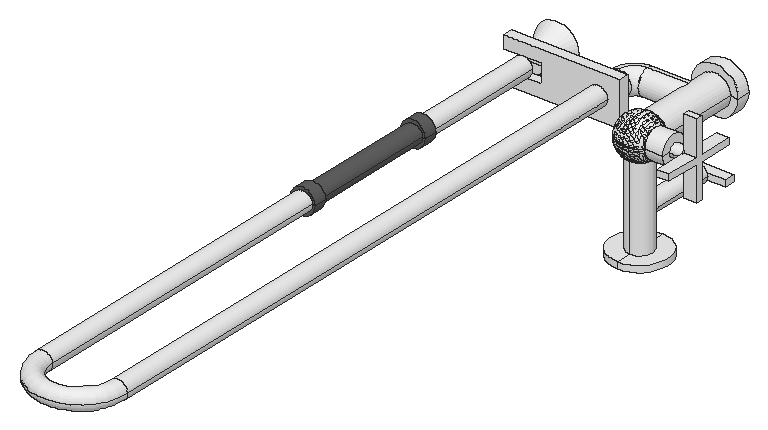
Revit family "Faucet-Bedpan_Washer-Zurn-Z877P2-LKS-HK-SH2", category Plumbing Fixtures, host Face, Revit 2022
Family settings
  Host = Face
  Round Connector Dimension = Use Radius
  Part Type = Normal
  OmniClass Number = 23.45.55.14
  OmniClass Title = Single Faucets
  Cut with Voids When Loaded = No
  Maintain Annotation Orientation = No
  Shared = No
  Room Calculation Point = No
Parameters (values of type "Z877P2-LKS-HK-SH2 (AquaSpec® Bedpan Washer)")
  Vinly Hose Length = 48.000"  # constant formula
  Type of Handle = "Four Arm Vandal Resistant Color Coded Lever Handles"  # constant formula
  Spout location from Wall = 4.250"  # constant formula
  Spout Reach = 5.625"  # constant formula
  Waste Connection = 1 = 0  # no
  WFU = 0  # constant formula
  Vent Connection = 1 = 0  # no
  URL = "https://www.zurn.com/"
  Type Comments = ""
  Spout Height = 4.250"  # constant formula
  Repair Parts URL = "https://files.zurn.com/repair-parts/cf189.pdf"
  Main Material = Chrome-Plated Brass - Zurn - Polished
  Product data URL = "https://www.bimobject.com/zurnindustries/product/Bedpan_washers"
  Product Page URL = "https://www.zurn.com/products/finish-plumbing/aquaspec-manual-faucets/other-faucets/z877p2-lks-hk-sh2"
  Product Installation Sheet URL = ""
  Product Documentation Link = ""
  Modified Date = "07/16/2025"  # constant formula
  Model = "Z877P2-LKS-HK-SH2"  # constant formula
  Mode of Installation = "Wall Mounted"  # constant formula
  Manufacturer Brand = "Zurn"  # constant formula
  Manufacturer = "Zurn Water, LLC"  # constant formula
  Installtion Height from Ground = 64.000"  # constant formula
  Inlet Connection Size = 1.500"  # constant formula
  HWFU = 0  # constant formula
  HW Connection = 1 = 0  # no
  Description = "AquaSpec® Bedpan Washer"  # constant formula
  Default Elevation = 48.000"
  Date Created = "07/16/2025"  # constant formula
  CWFU = 0  # constant formula
  CW Connection = 1 = 1  # yes
  Assembly Code = "D2010.60"
  Activation Method = "Manually Operated"  # constant formula
Reference planes (in)
  plane 1 "Center (Front/Back)": y = 0
  plane 2: z = 0
  plane 3 "Center (Left/Right)": x = 0
Dimensions and locks (in)
  aligned and locked: plane 2 to host face
  aligned and locked: level to host face
  aligned and locked: nested 1 to host face
  aligned and locked: plane 3 "Center (Left/Right)" to nested 1
  aligned and locked: nested 1 to plane 1 "Center (Front/Back)"
Nested families (in)
  nested 1: "Z877P2-LKS-HK-SH2" at (0, -64.125, 4.25) x (1, 0, 0) z (0, 1, 0), type "Z877P2-LKS-HK-SH2"
    with Cold Water Connection Diameter 1/2"
Connectors (in)
  piping at (0, -0.125, 0), diameter 3, driven by "CW Connection", driven by "Inlet Connection Size"
    settings: on nested 1, index 1, connector inside diameter 24", connector length 0.000", flow factor 0, pipe flow 0 GPM, pressure drop 0.00 psi, fitting loss kfactor 0, connector angle 0.00°, fixture units 0, engagement length 0.000", angle of deflection 0.00°, flow configuration 0, flow direction 1, fitting loss method 0, system type 20, joint type 0, gender type 0, connector reference index -1, connector utility 1, adjustable connector no, is connector primary yes, connector description "Domestic Cold Water Inlet"
Definition of nested family "Z877P2-LKS-HK-SH2"
  Parameters (values of type "Z877P2-LKS-HK-SH2")
    Waste Connection = no
    Vent Connection = no
    URL = "www.zurn.com"
    Type Comments = "Bedpan washer furnished with a vacuum breaker, a hand-held 4' [122cm] vinyl spray hose with an angled insulated 6\" [152mm] handle and hook"
    Product data url = "https://bimobject.com/zurnindustries/product/zurn-z877p2-lks-hk-sh2"
    Product Documentation Link = "http://www.zurn.com/Pages/ProductDetails.aspx?NodeKey=374702"
    Model = "Z877P2-LKS-HK-SH2"
    Manufacturer = "Zurn Industries, LLC"  # constant formula
    Hose Material = none
    Handle Material = none
    HW Connection = no
    Flow = 1.6 GPM
    Faucet Material = none
    Designation = "Faucet"  # constant formula
    Description = "Polished, chrome-plated cast brass bedpan washer"  # constant formula
    Default Elevation = 48.000"
    Cold Water Connection Diameter [instance] = 1/2"
    CWFU = 1
    CW Connection = yes
    Assembly Code = "D2010900"
  Reference planes (in)
    plane 1 "Center of Unit (Front/Back)": y = 0
    plane 2: z = 0
    plane 3 "Center (Left/Right)": x = 0
    plane 4 "Water Service Centerline Horizontal": z = 64
    plane 5 "Unit Top": z = 68.25
    plane 6 "Projecting Pipe Centerline": z = 66.875
    plane 7 "Sprayer Hook Top": z = 65.57812
    plane 8 "Sprayer Hook Bottom": z = 65.1875
    plane 9 "Wall Face": y = 4.25
    plane 10 "Hose Centerline Right Drop": x = -2.625
    plane 11 "Hose Centerline Left Drop": x = -5.625
    plane 12 "Handle Right Face": x = 2.375
    plane 13 "Handle Left Face": x = 1.875
    plane 14 "Sprayer Hook Left End": x = -6.375
    plane 15 "Sprayer Hook Right End": x = -1.75
    plane 16 "Shutoff Centerline": y = 2.625
    plane 17 "Sprayer Hook Back": y = 0.875
    plane 18 "Sprayer Hook Front": y = -0.875
    plane 19 "Spray Grip Top": z = 60.1875
    plane 20 "Spray Grip Bottom": z = 54.1875
    plane 21 "Key Stop Top": z = 67.375
    plane 22 "Key Stop Bottom": z = 66.94531
  Forms (in)
    Extrusion 1, solid, material <- "Faucet Material"
      sketch origin (0, 0, 65.1875) x (-1, 0, 0) y (0, -1, 0)
        loop
          line (6.375, 0.875) -> (1.75, 0.875) -> (1.75, -0.875) -> (6.375, -0.875) -> (6.375, -0.375) -> (4.875, -0.375) -> (4.875, 0.375) -> (6.375, 0.375) -> (6.375, 0.875)
      from 0 to 0.39062
    Revolve 2, solid, material <- "Faucet Material", detail levels fine
      sketch origin (0, 0, 0) x (1, 0, 0) y (0, 0, 1)
        loop
          line (-0.9375, 68.25) -> (-0.9375, 67.75) -> (-0.625, 67.75) -> (-0.625, 64) -> (0, 64) -> (0, 68.25) -> (-0.9375, 68.25)
        axis (0, 68.25) -> (0, 64)
      angle from 0 to 360
    Sweep 3, solid, material <- "Faucet Material"
      path origin (0, 0, 0) x (1, 0, 0) y (0, 0, 1)
        loop
          line (0, 66.875) -> (-1.96875, 66.875)
          arc (-1.96875, 66.875) -> (-2.43279, 66.68279) -> (-2.625, 66.21875) r 0.65625
          line (-2.625, 66.21875) -> (-2.625, 65.57812)
      profile origin (-0.98437, 0, 66.875) x (0, 0, -1) y (0, -1, 0)
        loop
          circle (0, 0) r 0.5
    Sweep 4, solid, material <- "Hose Material", detail levels fine
      path origin (0, 0, 0) x (1, 0, 0) y (0, 0, 1)
        loop
          line (-2.625, 65.1875) -> (-2.625, 41.1875)
          arc (-2.625, 41.1875) -> (-4.125, 39.6875) -> (-5.625, 41.1875) r 1.5
          line (-5.625, 41.1875) -> (-5.625, 54.1875)
      profile origin (-2.625, 0, 53.1875) x (0, -1, 0) y (1, 0, 0)
        loop
          circle (0, 0) r 0.375
    Revolve 5, solid, material <- "Faucet Material"
      sketch origin (0, 0, 0) x (1, 0, 0) y (0, 0, 1)
        loop
          line (-5.625, 65.57812) -> (-5.625, 66.875) -> (-6.5, 66.875) -> (-6.125, 66.07812) -> (-6.125, 65.57812) -> (-5.625, 65.57812)
        axis (-5.625, 66.875) -> (-5.625, 65.57812)
      angle from 0 to 360
    Revolve 6, solid, material <- "Handle Material", detail levels fine
      sketch origin (0, 0, 0) x (1, 0, 0) y (0, 0, 1)
        loop
          line (-5.625, 54.1875) -> (-5.625, 60.1875) -> (-6.125, 60.1875) -> (-6.125, 59.6875) -> (-6, 59.6875) -> (-6, 54.6875) -> (-6.125, 54.6875) -> (-6.125, 54.1875) -> (-5.625, 54.1875)
        axis (-5.625, 60.1875) -> (-5.625, 54.1875)
      angle from 0 to 360
    Sweep 7, solid, material <- "Hose Material", detail levels fine
      path origin (0, 0, 0) x (1, 0, 0) y (0, 0, 1)
        loop
          line (-5.625, 60.1875) -> (-5.625, 65.1875)
      profile origin (-5.625, 0, 62.6875) x (-1, 0, 0) y (0, -1, 0)
        loop
          circle (0, 0) r 0.375
    Revolve 8, solid, material <- "Faucet Material"
      sketch origin (0, 0, 0) x (0, 1, 0) y (0, 0, 1)
        loop
          line (4.25, 64) -> (4.25, 65.125) -> (4, 65.125) -> (4, 64.5) -> (0.67964, 64.5)
          arc (0.67964, 64.5) -> (-0.26312, 64.80167) -> (-0.84375, 64) r 0.84375
          line (-0.84375, 64) -> (4.25, 64)
        axis (-0.84375, 64) -> (4.25, 64)
      angle from 0 to 360
    Revolve 9, solid, material <- "Faucet Material", detail levels fine
      sketch origin (0, 0, 0) x (1, 0, 0) y (0, 0, 1)
        loop
          line (1.875, 64) -> (1.875, 64.25) -> (1.375, 64.25) -> (1.375, 64.5625) -> (0.62889, 64.5625)
          arc (0.62889, 64.5625) -> (-0.30107, 64.78821) -> (-0.84375, 64) r 0.84375
          line (-0.84375, 64) -> (1.875, 64)
        axis (-0.84375, 64) -> (1.875, 64)
      angle from 0 to 360
    Extrusion 10, solid, material <- "Faucet Material"
      sketch origin (0, 0, 64) x (-1, 0, 0) y (0, -1, 0)
        loop
          circle (0, -2.625) r 0.34375
      from 0 to 2.94531
    Extrusion 11, solid, material <- "Faucet Material"
      sketch origin (0, 0, 66.94531) x (-1, 0, 0) y (0, -1, 0)
        loop
          line (1.0625, -2.5) -> (-1.0625, -2.5) -> (-1.0625, -2.75) -> (1.0625, -2.75) -> (1.0625, -2.5)
      from 0 to 0.42969
    Extrusion 12, solid, material <- "Faucet Material", detail levels fine
      sketch origin (1.875, 0, 0) x (0, 1, 0) y (0, 0, 1)
        loop
          line (-1.5, 64.125) -> (-1.5, 63.875) -> (-0.125, 63.875) -> (-0.125, 62.5) -> (0.125, 62.5) -> (0.125, 63.875) -> (1.5, 63.875) -> (1.5, 64.125) -> (0.125, 64.125) -> (0.125, 65.5) -> (-0.125, 65.5) -> (-0.125, 64.125) -> (-1.5, 64.125)
      from 0 to 0.5
    Revolve 13, solid, material <- "Faucet Material", detail levels coarse+medium
      sketch origin (0, 0, 0) x (0, 1, 0) y (0, 0, 1)
        loop
          line (4.25, 64) -> (0, 64) -> (0, 63.5) -> (4, 63.5) -> (4, 62.875) -> (4.25, 62.875) -> (4.25, 64)
        axis (4.25, 64) -> (0, 64)
      angle from 0 to 360
    Extrusion 14, solid, material <- "Faucet Material", detail levels coarse+medium
      sketch origin (0, 0, 66.94531) x (-1, 0, 0) y (0, -1, 0)
        loop
          circle (0, 0) r 0.9375
      from -4.09805 to 1.30469
    Extrusion 15, solid, material <- "Faucet Material", detail levels coarse+medium
      sketch origin (0, 0, 0) x (0, 1, 0) y (0, 0, 1)
        loop
          circle (0, 64) r 1.5
      from 1.875 to 2.375
    Extrusion 16, solid, material <- "Faucet Material", detail levels coarse+medium
      sketch origin (0, 0, 0) x (0, 1, 0) y (0, 0, 1)
        loop
          circle (0, 64) r 0.57
      from 0 to 1.875
    Sweep 17, solid, material <- "Faucet Material", detail levels coarse+medium
      path origin (0, 0, 0) x (1, 0, 0) y (0, 0, 1)
        loop
          line (-2.625, 65.57812) -> (-2.625, 40.875)
          arc (-2.625, 40.875) -> (-4.125, 39.375) -> (-5.625, 40.875) r 1.5
          line (-5.625, 40.875) -> (-5.625, 66.875)
      profile origin (-2.625, 0, 53.22656) x (0, -1, 0) y (1, 0, 0)
        loop
          circle (0, 0) r 0.5
  Cuts and joins
    joined: Revolve 8, Extrusion 10, Extrusion 11
  Lines and regions (in)
    Masking region 1
      outline origin (0, 0, 66.94531) x (-1, 0, 0) y (0, -1, 0)
        loop
          line (1.75, -0.875) -> (6.375, -0.875) -> (6.375, -0.45069)
          arc (6.375, -0.45069) -> (6.46817, -0.23385) -> (6.5, 0) r 0.875
          arc (6.5, 0) -> (6.46817, 0.23385) -> (6.375, 0.45069) r 0.875
          line (6.375, 0.45069) -> (6.375, 0.875) -> (1.75, 0.875) -> (1.75, 0.50232) -> (0.79157, 0.50232)
          arc (0.79157, 0.50232) -> (0.04217, 0.93655) -> (-0.74323, 0.57142) r 0.9375
          line (-0.74323, 0.57142) -> (-1.875, 0.57142) -> (-1.875, 1.5) -> (-2.375, 1.5) -> (-2.375, -1.5) -> (-1.875, -1.5) -> (-1.875, -0.57208) -> (-0.74272, -0.57208)
          arc (-0.74272, -0.57208) -> (-0.6311, -0.69326) -> (-0.5, -0.79304) r 0.9375
          line (-0.5, -0.79304) -> (-0.5, -2.5) -> (-1.0625, -2.5) -> (-1.0625, -2.75) -> (-0.5, -2.75) -> (-0.5, -4) -> (-1.125, -4) -> (-1.125, -4.25) -> (0, -4.25) -> (1.125, -4.25) -> (1.125, -4) -> (0.5, -4) -> (0.5, -2.75) -> (1.0625, -2.75) -> (1.0625, -2.5) -> (0.5, -2.5) -> (0.5, -0.79304)
          arc (0.5, -0.79304) -> (0.66611, -0.6597) -> (0.79783, -0.49231) r 0.9375
          line (0.79783, -0.49231) -> (1.75, -0.49231) -> (1.75, -0.875)
  Dimensions and locks (in)
    locked: plane 5 "Unit Top" to plane 4 "Water Service Centerline Horizontal" at 4.25
    locked: plane 6 "Projecting Pipe Centerline" to plane 4 "Water Service Centerline Horizontal" at 2.875
    locked: plane 8 "Sprayer Hook Bottom" to plane 4 "Water Service Centerline Horizontal" at 1.1875
    locked: plane 7 "Sprayer Hook Top" to plane 8 "Sprayer Hook Bottom" at 0.39062
    locked: plane 1 "Center of Unit (Front/Back)" to plane 9 "Wall Face" at 4.25
    plane 3 "Center (Left/Right)" to plane 12 "Handle Right Face" = 2.375"
    locked: plane 13 "Handle Left Face" to plane 12 "Handle Right Face" at 0.5
    locked: plane 14 "Sprayer Hook Left End" to plane 3 "Center (Left/Right)" at 6.375
    locked: plane 14 "Sprayer Hook Left End" to plane 15 "Sprayer Hook Right End" at 4.625
    locked: plane 10 "Hose Centerline Right Drop" to plane 3 "Center (Left/Right)" at 2.625
    locked: plane 14 "Sprayer Hook Left End" to plane 11 "Hose Centerline Left Drop" at 0.75
    locked: plane 9 "Wall Face" to plane 16 "Shutoff Centerline" at 1.625
    plane 17 "Sprayer Hook Back" to plane 1 "Center of Unit (Front/Back)" to plane 18 "Sprayer Hook Front" = 0.875" locked, 0.875" locked
    Extrusion 1 sketch curve to plane 1 "Center of Unit (Front/Back)" to Extrusion 1 sketch curve = 0.375" locked, 0.375" locked
    locked: plane 11 "Hose Centerline Left Drop" to Extrusion 1 sketch curve at 0.75
    locked: plane 3 "Center (Left/Right)" to Revolve 2 sketch curve at 0.9375
    locked: Revolve 2 sketch curve to plane 3 "Center (Left/Right)" at 0.625
    locked: plane 8 "Sprayer Hook Bottom" to Sweep 4 sketch curve at 24
    locked: plane 11 "Hose Centerline Left Drop" to Revolve 5 sketch curve at 0.875
    locked: plane 11 "Hose Centerline Left Drop" to Revolve 5 sketch curve at 0.5
    locked: plane 6 "Projecting Pipe Centerline" to Revolve 5 sketch curve at 0.79688
    plane 8 "Sprayer Hook Bottom" to plane 19 "Spray Grip Top" to plane 20 "Spray Grip Bottom" = 5.000" locked, 6.000" locked
    locked: Revolve 6 sketch curve to plane 11 "Hose Centerline Left Drop" at 0.5
    locked: plane 11 "Hose Centerline Left Drop" to Revolve 6 sketch curve at 0.5
    locked: plane 11 "Hose Centerline Left Drop" to Revolve 6 sketch curve at 0.375
    locked: Revolve 6 sketch curve to plane 20 "Spray Grip Bottom" at 0.5
    locked: plane 19 "Spray Grip Top" to Revolve 6 sketch curve at 0.5
    locked: Revolve 8 sketch curve to plane 4 "Water Service Centerline Horizontal" at 0.5
    locked: Revolve 8 sketch curve to plane 4 "Water Service Centerline Horizontal" at 1.125
    locked: Revolve 8 sketch curve to plane 9 "Wall Face" at 0.25
    plane 13 "Handle Left Face" to Revolve 9 sketch curve to Revolve 9 sketch curve = 0.500" locked, 0.74611" locked
    Revolve 9 sketch curve to Revolve 9 sketch curve to plane 4 "Water Service Centerline Horizontal" = 0.3125" locked, 0.250" locked
    plane 21 "Key Stop Top" to plane 4 "Water Service Centerline Horizontal" = 3.375"
    locked: plane 21 "Key Stop Top" to plane 22 "Key Stop Bottom" at 0.42969
    Extrusion 11 sketch curve to plane 3 "Center (Left/Right)" to Extrusion 11 sketch curve = 1.0625" locked, 1.0625" locked
    Extrusion 11 sketch curve to plane 16 "Shutoff Centerline" to Extrusion 11 sketch curve = 0.125" locked, 0.125" locked
    Extrusion 12 sketch curve to plane 4 "Water Service Centerline Horizontal" to Extrusion 12 sketch curve = 0.125" locked, 0.125" locked  (x2)
    Extrusion 12 sketch curve to plane 1 "Center of Unit (Front/Back)" to Extrusion 12 sketch curve = 0.125" locked, 0.125" locked  (x2)
    radius of Sweep 3 sketch curve = 0.500"
    radius of Sweep 4 sketch curve = 1.500"
    radius of Sweep 4 sketch curve = 0.375"
    radius of Sweep 7 sketch curve = 0.375"
    radius of Revolve 8 sketch curve = 0.84375"
    radius of Revolve 9 sketch curve = 0.84375"
    radius of Extrusion 10 sketch curve = 0.34375"
    aligned and locked: level to plane 2
    aligned and locked: Extrusion 1 sketch curve to plane 18 "Sprayer Hook Front"
    aligned and locked: Extrusion 1 sketch curve to plane 14 "Sprayer Hook Left End"  (x2)
    aligned and locked: plane 17 "Sprayer Hook Back" to Extrusion 1 sketch curve
    aligned and locked: plane 15 "Sprayer Hook Right End" to Extrusion 1 sketch curve
    aligned and locked: Extrusion 1 to plane 8 "Sprayer Hook Bottom"
    aligned and locked: plane 7 "Sprayer Hook Top" to Extrusion 1
    aligned and locked: Revolve 2 sketch curve to plane 3 "Center (Left/Right)"  (x2)
    aligned and locked: Revolve 2 sketch curve to plane 5 "Unit Top"
    aligned and locked: Revolve 2 sketch curve to plane 4 "Water Service Centerline Horizontal"
    aligned and locked: plane 6 "Projecting Pipe Centerline" to Sweep 3 sketch curve
    aligned and locked: plane 1 "Center of Unit (Front/Back)" to Sweep 3 sketch curve
    aligned and locked: plane 11 "Hose Centerline Left Drop" to Sweep 4 sketch curve
    aligned and locked: Sweep 4 sketch curve to Sweep 4 sketch curve
    aligned and locked: profile plane to Sweep 4 sketch curve
    aligned and locked: plane 1 "Center of Unit (Front/Back)" to Sweep 4 sketch curve
    aligned and locked: plane 11 "Hose Centerline Left Drop" to Revolve 5 sketch curve
    aligned and locked: plane 7 "Sprayer Hook Top" to Revolve 5 sketch curve
    aligned and locked: plane 6 "Projecting Pipe Centerline" to Revolve 5 sketch curve
    aligned and locked: Revolve 5 sketch curve to plane 11 "Hose Centerline Left Drop"
    aligned and locked: plane 8 "Sprayer Hook Bottom" to Sweep 4 sketch curve
    aligned and locked: plane 20 "Spray Grip Bottom" to Sweep 4 sketch curve
    aligned and locked: plane 19 "Spray Grip Top" to Revolve 6 sketch curve
    aligned and locked: plane 11 "Hose Centerline Left Drop" to Revolve 6 sketch curve
    aligned and locked: plane 20 "Spray Grip Bottom" to Revolve 6 sketch curve
    aligned and locked: Revolve 6 sketch curve to plane 11 "Hose Centerline Left Drop"
    aligned and locked: plane 19 "Spray Grip Top" to Sweep 7 sketch curve
    aligned and locked: plane 8 "Sprayer Hook Bottom" to Sweep 7 sketch curve
    aligned and locked: plane 11 "Hose Centerline Left Drop" to Sweep 7 sketch curve  (x2)
    aligned and locked: plane 1 "Center of Unit (Front/Back)" to Sweep 7 sketch curve
    aligned and locked: plane 9 "Wall Face" to Revolve 8 sketch curve
    aligned and locked: plane 4 "Water Service Centerline Horizontal" to Revolve 8 sketch curve  (x3)
    aligned and locked: Revolve 8 sketch curve to plane 4 "Water Service Centerline Horizontal"
    aligned and locked: plane 3 "Center (Left/Right)" to Revolve 9 sketch curve
    aligned and locked: plane 4 "Water Service Centerline Horizontal" to Revolve 9 sketch curve  (x2)
    aligned and locked: plane 13 "Handle Left Face" to Revolve 9 sketch curve
    aligned and locked: Revolve 9 sketch curve to plane 4 "Water Service Centerline Horizontal"
    aligned and locked: plane 3 "Center (Left/Right)" to Extrusion 10 sketch curve
    aligned and locked: plane 16 "Shutoff Centerline" to Extrusion 10 sketch curve
    aligned and locked: Extrusion 10 to plane 4 "Water Service Centerline Horizontal"
    aligned and locked: plane 22 "Key Stop Bottom" to Extrusion 10
    aligned and locked: Extrusion 11 to plane 22 "Key Stop Bottom"
    aligned and locked: plane 21 "Key Stop Top" to Extrusion 11
    aligned and locked: Extrusion 12 to plane 13 "Handle Left Face"
    aligned and locked: plane 12 "Handle Right Face" to Extrusion 12
    aligned and locked: plane 4 "Water Service Centerline Horizontal" to Revolve 13 sketch curve  (x2)
    aligned and locked: plane 9 "Wall Face" to Revolve 13 sketch curve
    aligned and locked: Revolve 13 sketch curve to cut or joined group of Revolve 8, Extrusion 10, Extrusion 11
    aligned and locked: plane 1 "Center of Unit (Front/Back)" to Revolve 13 sketch curve
    aligned and locked: plane 5 "Unit Top" to Extrusion 14
    aligned and locked: plane 1 "Center of Unit (Front/Back)" to Extrusion 15 sketch curve
    aligned and locked: plane 4 "Water Service Centerline Horizontal" to Extrusion 15 sketch curve
    aligned and locked: plane 1 "Center of Unit (Front/Back)" to Extrusion 16 sketch curve
    aligned and locked: plane 4 "Water Service Centerline Horizontal" to Extrusion 16 sketch curve
    aligned and locked: Extrusion 16 to plane 3 "Center (Left/Right)"
    aligned and locked: Sweep 17 sketch curve to plane 10 "Hose Centerline Right Drop"
    aligned and locked: Sweep 17 sketch curve to plane 11 "Hose Centerline Left Drop"
    aligned and locked: Sweep 17 sketch curve to Sweep 3  (x2)
    aligned and locked: Masking region 1 sketch curve to Extrusion 1  (x2)
    aligned and locked: Extrusion 1 to Masking region 1 sketch curve  (x2)
    aligned and locked: Masking region 1 sketch curve to Extrusion 14  (x3)
    aligned and locked: Extrusion 15 to Masking region 1 sketch curve
    aligned and locked: Masking region 1 sketch curve to Extrusion 15  (x2)
    aligned and locked: Masking region 1 sketch curve to Revolve 13  (x2)
    aligned and locked: Masking region 1 sketch curve to Masking region 1 sketch curve  (x3)
    aligned and locked: Masking region 1 sketch curve to cut or joined group of Revolve 8, Extrusion 10, Extrusion 11
    aligned and locked: Masking region 1 sketch curve to Extrusion 12  (x2)
  Automatic sketch dimensions
    plane 21 "Key Stop Top" to Revolve 2 sketch curve = 0.375"
    Revolve 2 sketch curve to level = 46.65555"
    plane 5 "Unit Top" to Revolve 2 sketch curve = 26.81503"
    Sweep 3 sketch curve to plane 7 "Sprayer Hook Top" = 0.000"
    Sweep 3 sketch curve to plane 10 "Hose Centerline Right Drop" = 0.000"
    Sweep 3 sketch curve to plane 6 "Projecting Pipe Centerline" = 0.000"
    Sweep 3 sketch curve to plane 3 "Center (Left/Right)" = 0.000"
    Sweep 3 sketch curve to plane 15 "Sprayer Hook Right End" = 0.21875"
    Revolve 5 sketch curve to level = 12.000"
    plane 5 "Unit Top" to Revolve 5 sketch curve = 27.750"
    Revolve 6 sketch curve to level = 12.000"
    plane 5 "Unit Top" to Revolve 6 sketch curve = 27.750"
    Revolve 8 sketch curve to plane 1 "Center of Unit (Front/Back)" = 0.000"
    Revolve 8 sketch curve to plane 18 "Sprayer Hook Front" = 80.57459"
    plane 9 "Wall Face" to Revolve 8 sketch curve = 83.66105"
    Revolve 9 sketch curve to plane 14 "Sprayer Hook Left End" = 25.08098"
    plane 12 "Handle Right Face" to Revolve 9 sketch curve = 32.1443"
    Extrusion 12 sketch curve to plane 18 "Sprayer Hook Front" = 0.625"
    plane 17 "Sprayer Hook Back" to Extrusion 12 sketch curve = 0.625"
    Extrusion 12 sketch curve to Extrusion 12 sketch curve = 1.375"
    Extrusion 12 sketch curve to plane 7 "Sprayer Hook Top" = 0.07812"
    Revolve 13 sketch curve to plane 4 "Water Service Centerline Horizontal" = 0.500"
    Revolve 13 sketch curve to Revolve 13 sketch curve = 0.625"
    plane 18 "Sprayer Hook Front" to Revolve 13 sketch curve = 0.35986"
    plane 9 "Wall Face" to Revolve 13 sketch curve = 0.30835"
    plane 1 "Center of Unit (Front/Back)" to Extrusion 14 sketch curve = 0.000"
    Sweep 17 sketch curve to plane 7 "Sprayer Hook Top" = 0.000"
    Sweep 17 sketch curve to plane 6 "Projecting Pipe Centerline" = 0.000"
    Sweep 17 sketch curve to plane 20 "Spray Grip Bottom" = 13.3125"
    Sweep 17 sketch curve to profile plane = 0.000"  (x2)
    Masking region 1 sketch curve to Masking region 1 sketch curve = 0.000"  (x2)
    Masking region 1 sketch curve to plane 3 "Center (Left/Right)" = 0.000"
    Masking region 1 sketch curve to plane 15 "Sprayer Hook Right End" = 0.000"
    plane 1 "Center of Unit (Front/Back)" to Masking region 1 sketch curve = 0.000"  (x2)
    Masking region 1 sketch curve to plane 11 "Hose Centerline Left Drop" = 0.000"
    Masking region 1 sketch curve to plane 14 "Sprayer Hook Left End" = 0.000"
    Masking region 1 sketch curve to plane 9 "Wall Face" = 0.250"  (x2)
    Masking region 1 sketch curve to plane 13 "Handle Left Face" = 0.750"
    plane 18 "Sprayer Hook Front" to Masking region 1 sketch curve = 0.30358"
    Masking region 1 sketch curve to plane 17 "Sprayer Hook Back" = 0.30292"
    Masking region 1 sketch curve to plane 16 "Shutoff Centerline" = 0.125"
    plane 3 "Center (Left/Right)" to Masking region 1 sketch curve = 0.500"
    Masking region 1 sketch curve to plane 3 "Center (Left/Right)" = 0.500"
    plane 18 "Sprayer Hook Front" to Masking region 1 sketch curve = 0.37268"
    Masking region 1 sketch curve to plane 17 "Sprayer Hook Back" = 0.38269"
    Masking region 1 sketch curve to Masking region 1 sketch curve = 0.5625"
    Masking region 1 sketch curve to Masking region 1 sketch curve = 0.625"
    plane 16 "Shutoff Centerline" to Masking region 1 sketch curve = 0.125"
    Masking region 1 sketch curve to Masking region 1 sketch curve = 0.42431"
    radius of Extrusion 15 sketch curve = 1.500"
    radius of Extrusion 16 sketch curve = 0.570"
